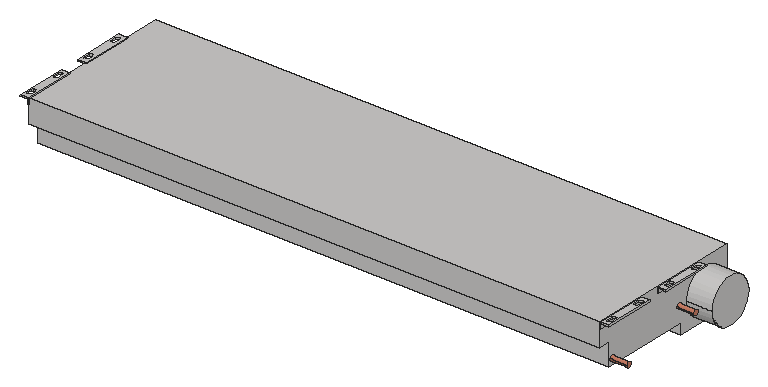
Revit family "HVAC-Chilled_Beam-Dadanco-ACB10", category Mechanical Equipment, Revit 2022
Family settings
  Round Connector Dimension = Use Radius
  Part Type = Normal
  OmniClass Number = 23.75.70.17.31
  OmniClass Title = Induction Units
  Work Plane-Based = No
  Always vertical = Yes
  Cut with Voids When Loaded = No
  Maintain Annotation Orientation = No
  Shared = No
  Room Calculation Point = No
Parameters (values of type "6' Nominal Length")
  Zone Name [instance] = ""
  Zone ID [instance] = ""
  Unit Width = 17 105/128"  # constant formula
  Unit Weight = if(Nominal Unit Length = 24", "27 lb", if(Nominal Unit Length = 36", "35 lb", if(Nominal Unit Length = 48", "42 lb", if(Nominal Unit Length = 60", "49 lb", if(Nominal Unit Length = 72", "56 lb", if(Nominal Unit Length = 84", "63 lb", if(Nominal Unit Length = 96", "70 lb", "0 lb")))))))  # "56 lb"
  Unit Tag = ""
  Unit Length = if(Nominal Unit Length = 24", 24", if(Nominal Unit Length = 36", 32", if(Nominal Unit Length = 48", 40", if(Nominal Unit Length = 60", 52", if(Nominal Unit Length = 72", 64", if(Nominal Unit Length = 84", 76", if(Nominal Unit Length = 96", 88", 12")))))))  # 64"
  Unit Height = 6 45/128"  # constant formula
  URL = "http://www.dadanco.com/"
  Type Comments = "Horizonatally Mounted Induction Unit"
  Tube Material = Metal-Dadanco-Copper-Satin
  Total Cooling Capacity = 0.0 Btu/h
  Supply Air = 0 CFM
  Sound Level dBA = ""
  Sound Level NC = ""
  Secondary Air Sensible Heating = 0.0 Btu/h
  Secondary Air Sensible Cooling = 0.0 Btu/h
  SHHW Temperature = 0 °F
  SHHW Temp Out = 0 °F
  SHHW Pressure Drop [instance] = HWPD  # 0.00 ftH2O
  SHHW Flow [instance] = HWF  # 0.0 GPM
  SCHW Temperature = 0 °F
  SCHW Temp Out = 0 °F
  SCHW Pressure Drop [instance] = CWPD  # 0.00 ftH2O
  SCHW Flow [instance] = CWF  # 0.0 GPM
  Revision Date = "1/29/2025"  # constant formula
  Product Page URL = ""
  Primary Air Static Pressure [instance] = PASP  # 0.00 in-wg
  Primary Air Radius = Primary Air Inlet Size / 2  # 2"
  Primary Air Inlet Top [instance] = no
  Primary Air Inlet Size = 4"
  Primary Air Inlet Right [instance] = yes
  Primary Air Inlet Left [instance] = no
  Primary Air Inlet Bottom [instance] = no
  Primary Air Inlet Back [instance] = no
  Primary Air Flow Rate [instance] = PA  # 0 CFM
  PASP = 0.00 in-wg
  PA = 0 CFM
  Overall Unit Length = Unit Length + 4"  # 68"
  Nozzle Configuration = ""
  Nominal Unit Length = 72"
  Net Unit Heating Sensible = 0.0 Btu/h
  Net Unit Cooling Sensible = 0.0 Btu/h
  Model Number = ""
  Latent Cooling = 0.0 Btu/h
  Keynote = "23 37 00.A1"
  Heating Supply Air Temperature = 0 °F
  Heating Room Dry Bulb = 0 °F
  Heating Primary Air Wet Bulb = 0 °F
  Heating Primary Air Dry Bulb = 0 °F
  HWPD = 0.00 ftH2O
  HWF = 0.0 GPM
  Default Elevation = 0"
  Cooling Supply Air Temperature = 0 °F
  Cooling Room Relative Humidity = 0
  Cooling Room Dry Bulb = 0 °F
  Cooling Primary Air Wet Bulb = 0 °F
  Cooling Primary Air Dry Bulb = 0 °F
  CWPD = 0.00 ftH2O
  CWF = 0.0 GPM
  Documentation Link = "https://www.dadanco.com/acb10"
  Coil Connection Right [instance] = yes
  Coil Connection Left [instance] = not(Coil Connection Right)  # no
  Model = "ACB10"  # constant formula
  Manufacturer = "Dadanco"  # constant formula
  Housing Material = Metal-Dadanco-Steel-Galvanized
  Description = "Active Chilled Beam"  # constant formula
  Architectural Design Manual = ""
  4 Pipe Coil Configuration Right [instance] = and([4 Pipe Coil Configuration], Coil Connection Right)  # no
  4 Pipe Coil Configuration Left [instance] = and([4 Pipe Coil Configuration], Coil Connection Left)  # no
  4 Pipe Coil Configuration = if([2 or 4 pipe] = 4, 1 = 1, 1 = 0)  # no
  2 or 4 pipe = 2
  2 Pipe Coil Configuration = if([2 or 4 pipe] = 2, 1 = 1, 1 = 0)  # yes
  Assembly Code = "D3040100"
Types (8): name | Unit Weight | Unit Length | Type Comments | Overall Unit Length | Nominal Unit Length | Keynote
  (no name) | "56 lb" | 64" | "Horizonatally Mounted Induction Unit" | 68" | 72" | "23 37 00.A1"
  4' Nominal Length | "42 lb" | 40" | 0" | 44" | 48" | 0"
  3' Nominal Length | "35 lb" | 32" | "Horizonatally Mounted Induction Unit" | 36" | 36" | "23 37 00.A1"
  5' Nominal Length | "49 lb" | 52" | "Horizonatally Mounted Induction Unit" | 56" | 60" | "23 37 00.A1"
  6' Nominal Length | "56 lb" | 64" | "Horizonatally Mounted Induction Unit" | 68" | 72" | "23 37 00.A1"
  2' Nominal Length | "27 lb" | 24" | "Horizonatally Mounted Induction Unit" | 28" | 24" | "23 37 00.A1"
  7' Nominal Length | "63 lb" | 76" | "Horizonatally Mounted Induction Unit" | 80" | 84" | "23 37 00.A1"
  8' Nominal Length | "70 lb" | 88" | "Horizonatally Mounted Induction Unit" | 92" | 96" | "23 37 00.A1"
Reference planes (in)
  plane 1 "Center (Front/Back)": y = 5.39627
  plane 2 "Center of Unit Height": z = -2.44
  plane 3 "Center (Left/Right)": x = 0.55581
  plane 4 "Nominal Right": x = 33.55581
  plane 5 "Unit Front": y = -3.92389
  plane 6 "Top Face": z = 0
  plane 7 "Nominal Left": x = -32.44419
  plane 8 "Left Face": x = -31.44419
  plane 9 "Right Face": x = 32.55581
  plane 10 "Left End of Coil": x = -30.69419
  plane 11 "Drain Pan Left End": x = -17.44419
  plane 12 "Drain Pan Right End": x = 18.55581
  plane 13 "bottom of plenum": z = -6.35
  plane 14 "Bracket edge": y = 9.87365
  plane 15 "Unit Back": y = 13.88611
  plane 16 "outlet": z = -2.59
  plane 17 "CHW_lower": z = -4.3
  plane 18 "CHW_Upper": z = -3.22
  plane 19 "back center": z = -3.18
  plane 20 "End_air_hor_ctr": y = 10.66611
  plane 21 "E_air_ctr": y = 10.35611
  plane 22 "F_air_ctr": z = -4.1
  plane 23 "dp_ctr": y = 3.5209
  plane 24 "coils1": y = 7.05611
  plane 25 "coils2": y = 4.55611
  plane 26 "coils3": y = 0.18111
  plane 27 "coils 4": y = -2.31889
  plane 28 "D_air_ctr": y = 11.13611
Forms (in)
  Extrusion 1, solid, material "Metal-Dadanco-Steel-Galvanized" <- "Housing Material"
    sketch origin (0.55581, 0, 0) x (0, 1, 0) y (0, 0, 1)
      loop
        line (-3.93022, 0) -> (-3.93022, -2.59) -> (-2.67389, -2.59) -> (-2.67389, -5.09) -> (7.44611, -5.09) -> (7.44611, -6.35) -> (13.88611, -6.35) -> (13.88611, 0) -> (-3.93022, 0)
    from -32 to 32
  Extrusion 2, solid, material "Metal-Dadanco-Steel-Galvanized" <- "Housing Material", visible <- "Primary Air Inlet Left"
    sketch origin (-31.44419, -5.36135, 35.24623) x (0, 1, 0) y (0, 0, 1)
      loop
        circle (16.02161, -38.44) r 2.5
    from -3 to 0
  Extrusion 3, solid, material "Metal-Dadanco-Steel-Galvanized" <- "Housing Material"
    sketch origin (32.55581, -5.37738, 35.24623) x (0, 1, 0) y (0, 0, -1)
      loop
        circle (16.02161, 38.44) r 2.5
    from -3 to 0
  Extrusion 4, solid, material "Metal-Dadanco-Copper-Satin" <- "Tube Material", visible <- "Coil Connection Left"
    sketch origin (-31.44419, -3.37276, 36) x (0, 1, 0) y (0, 0, 1)
      loop
        circle (10.44161, -40.3) r 0.25
    from -2.5 to 0
  Extrusion 5, solid, material "Metal-Dadanco-Copper-Satin" <- "Tube Material", visible <- "4 Pipe Coil Configuration Left"
    sketch origin (-31.44419, -7.14674, 36) x (0, 1, 0) y (0, 0, 1)
      loop
        circle (11.69161, -40.3) r 0.25
    from -2.5 to 0
  Extrusion 6, solid, material "Metal-Dadanco-Copper-Satin" <- "Tube Material", visible <- "4 Pipe Coil Configuration Left"
    sketch origin (-31.44419, -10.25912, 36.00197) x (0, 1, 0) y (0, 0, 1)
      loop
        circle (10.44161, -40.3) r 0.25
    from -2.5 to 0
  Extrusion 7, solid, material "Metal-Dadanco-Copper-Satin" <- "Tube Material", visible <- "Coil Connection Left"
    sketch origin (-31.44419, -12.76417, 37.0748) x (0, 1, 0) y (0, 0, 1)
      loop
        circle (10.44161, -40.3) r 0.25
    from -2.5 to 0
  Extrusion 8, solid, material "Metal-Dadanco-Copper-Satin" <- "Tube Material", visible <- "Coil Connection Right"
    sketch origin (32.55581, -3.38221, 35.99294) x (0, 1, 0) y (0, 0, -1)
      loop
        circle (1.06161, 40.3) r 0.25
    from -2 to 0
  Extrusion 9, solid, material "Metal-Dadanco-Copper-Satin" <- "Tube Material", visible <- "4 Pipe Coil Configuration Right"
    sketch origin (32.55581, -0.88374, 37.07536) x (0, 1, 0) y (0, 0, -1)
      loop
        circle (1.06161, 40.3) r 0.25
    from -2 to 0
  Extrusion 10, solid, material "Metal-Dadanco-Copper-Satin" <- "Tube Material", visible <- "4 Pipe Coil Configuration Right"
    sketch origin (32.55581, 3.48326, 37.0942) x (0, 1, 0) y (0, 0, -1)
      loop
        circle (1.06161, 40.3) r 0.25
    from -2 to 0
  Extrusion 11, solid, material "Metal-Dadanco-Copper-Satin" <- "Tube Material", visible <- "Coil Connection Right"
    sketch origin (32.55581, 5.98042, 37.11266) x (0, 1, 0) y (0, 0, -1)
      loop
        circle (1.06161, 40.3) r 0.25
    from -2 to 0
  Extrusion 12, solid, material "Metal-Dadanco-Steel-Galvanized" <- "Housing Material", visible <- "Primary Air Inlet Top"
    sketch origin (0, 1.01865, 0) x (0, 1, 0) y (-1, 0, 0)
      loop
        circle (9.33611, -0.55581) r 3
    from 3 to 0
  Extrusion 13, solid, material "Metal-Dadanco-Steel-Galvanized" <- "Housing Material", visible <- "Primary Air Inlet Bottom"
    sketch origin (0, 0.65329, -6.35) x (0, 1, 0) y (-1, 0, 0)
      loop
        circle (10.47611, -0.55581) r 2.5
    from -3 to 0
  Extrusion 14, solid, material "Metal-Dadanco-Steel-Galvanized", not visible
    sketch origin (0, 13.88611, 0) x (0, 0, -1) y (-1, 0, 0)
      loop
        line (5.54, -0.55581) -> (5.54, 3.44419)
        arc (5.54, 3.44419) -> (4.1, 4.88419) -> (2.66, 3.44419) r 1.44
        line (2.66, 3.44419) -> (2.66, -0.55581) -> (2.66, -4.55581)
        arc (2.66, -4.55581) -> (4.1, -5.99581) -> (5.54, -4.55581) r 1.44
        line (5.54, -4.55581) -> (5.54, -0.55581)
    from 0 to 3.375
Lines and regions (in)
  Masking region 1, visible <- "Coil Connection Right", detail levels medium+fine
    outline origin (0, 0, -4.9) x (0, -1, 0) y (1, 0, 0)
      loop
        line (3.29889, 34.05581) -> (3.29889, 33.55581) -> (3.79126, 33.55581) -> (3.79126, 34.05581) -> (3.29889, 34.05581)
  Masking region 2, visible <- "4 Pipe Coil Configuration Right", detail levels medium+fine
    outline origin (0, 0, -4.9) x (0, -1, 0) y (1, 0, 0)
      loop
        line (0.17389, 34.05581) -> (0.17389, 33.55581) -> (0.67745, 33.55581) -> (0.67745, 34.05581) -> (0.17389, 34.05581)
  Masking region 3, visible <- "4 Pipe Coil Configuration Right", detail levels medium+fine
    outline origin (0, 0, -4.9) x (0, -1, 0) y (1, 0, 0)
      loop
        line (-3.98611, 34.05581) -> (-3.98611, 32.55581) -> (-3.48248, 32.55581) -> (-3.48248, 34.05581) -> (-3.98611, 34.05581)
  Masking region 4, visible <- "Coil Connection Right", detail levels medium+fine
    outline origin (0, 0, -4.9) x (0, -1, 0) y (1, 0, 0)
      loop
        line (-6.36111, 34.05581) -> (-6.36111, 32.55581) -> (-5.86084, 32.55581) -> (-5.86084, 34.05581) -> (-6.36111, 34.05581)
  Masking region 5, visible <- "Coil Connection Left", detail levels medium+fine
    outline origin (0, 0, -4.9) x (0, -1, 0) y (1, 0, 0)
      loop
        line (3.79889, -32.94419) -> (3.79889, -32.44419) -> (3.30006, -32.44419) -> (3.30006, -32.94419) -> (3.79889, -32.94419)
  Masking region 6, visible <- "4 Pipe Coil Configuration Left", detail levels medium+fine
    outline origin (0, 0, -4.9) x (0, -1, 0) y (1, 0, 0)
      loop
        line (0.67389, -32.94419) -> (0.67389, -32.44419) -> (0.174, -32.44419) -> (0.174, -32.94419) -> (0.67389, -32.94419)
  Masking region 7, visible <- "4 Pipe Coil Configuration Left", detail levels medium+fine
    outline origin (0, 0, -4.9) x (0, -1, 0) y (1, 0, 0)
      loop
        line (-3.48611, -32.94419) -> (-3.48611, -31.44419) -> (-3.98611, -31.44419) -> (-3.98611, -32.94419) -> (-3.48611, -32.94419)
  Masking region 8, visible <- "Coil Connection Left", detail levels medium+fine
    outline origin (0, 0, -4.9) x (0, -1, 0) y (1, 0, 0)
      loop
        line (-5.86111, -32.94419) -> (-5.86111, -31.44419) -> (-6.36111, -31.44419) -> (-6.36111, -32.94419) -> (-5.86111, -32.94419)
  Masking region 9, visible <- "Primary Air Inlet Left", detail levels medium+fine
    outline origin (0, 11.55643, 0) x (-1, 0, 0) y (0, 0, 1)
      loop
        line (18.44419, -4.44) -> (31.44419, -4.44) -> (31.44419, -0.44) -> (18.44419, -0.44) -> (18.44419, -4.44)
  Masking region 10, visible <- "Coil Connection Right", detail levels medium+fine
    outline origin (0, 6.11111, 0) x (0, 0, 1) y (1, 0, 0)
      loop
        line (-5.75, 34.05581) -> (-6.25168, 34.05581) -> (-6.25168, 32.55581) -> (-5.75, 32.55581) -> (-5.75, 34.05581)
  Masking region 11, visible <- "Coil Connection Right", detail levels medium+fine
    outline origin (0, 6.11111, 0) x (0, 0, 1) y (1, 0, 0)
      loop
        line (-4.65, 34.05581) -> (-5.14868, 34.05581) -> (-5.14868, 32.55581) -> (-4.65, 32.55581) -> (-4.65, 34.05581)
  Masking region 12, visible <- "Coil Connection Left", detail levels medium+fine
    outline origin (0, -3.13889, 0) x (0, 0, -1) y (1, 0, 0)
      loop
        line (5.15, -32.94419) -> (5.15, -31.44419) -> (4.64917, -31.44419) -> (4.64917, -32.94419) -> (5.15, -32.94419)
  Masking region 13, visible <- "Coil Connection Left", detail levels medium+fine
    outline origin (0, -3.13889, 0) x (0, 0, -1) y (1, 0, 0)
      loop
        line (6.25, -32.94419) -> (6.25, -31.44419) -> (5.74745, -31.44419) -> (5.74745, -32.94419) -> (6.25, -32.94419)
  symbolic lines, detail levels fine
    curve 1: arc (-32.25669, 9.12365, 0) -> (-32.00669, 9.37365, 0) -> (-31.75669, 9.12365, 0) r 0.25
    curve 2: line (-32.25669, 9.12365, 0) -> (-32.25669, 8.62365, 0)
    curve 3: arc (-31.75669, 8.62365, 0) -> (-32.00669, 8.37365, 0) -> (-32.25669, 8.62365, 0) r 0.25
    curve 4: line (-31.75669, 8.62365, 0) -> (-31.75669, 9.12365, 0)
    curve 5: arc (-32.25669, 5.37365, 0) -> (-32.00669, 5.62365, 0) -> (-31.75669, 5.37365, 0) r 0.25
    curve 6: arc (-31.75669, 4.87365, 0) -> (-32.00669, 4.62365, 0) -> (-32.25669, 4.87365, 0) r 0.25
    curve 7: line (-31.75669, 4.87365, 0) -> (-31.75669, 5.37365, 0)
    curve 8: line (-32.25669, 5.37365, 0) -> (-32.25669, 4.87365, 0)
    curve 9: arc (-32.25669, 1.06978, 0) -> (-32.00669, 1.31978, 0) -> (-31.75669, 1.06978, 0) r 0.25
    curve 10: arc (-31.75669, 0.56978, 0) -> (-32.00669, 0.31978, 0) -> (-32.25669, 0.56978, 0) r 0.25
    curve 11: line (-31.75669, 0.56978, 0) -> (-31.75669, 1.06978, 0)
    curve 12: line (-32.25669, 1.06978, 0) -> (-32.25669, 0.56978, 0)
    curve 13: arc (-32.25669, -2.68022, 0) -> (-32.00669, -2.43022, 0) -> (-31.75669, -2.68022, 0) r 0.25
    curve 14: arc (-31.75669, -3.18022, 0) -> (-32.00669, -3.43022, 0) -> (-32.25669, -3.18022, 0) r 0.25
    curve 15: line (-31.75669, -3.18022, 0) -> (-31.75669, -2.68022, 0)
    curve 16: line (-32.25669, -2.68022, 0) -> (-32.25669, -3.18022, 0)
    curve 17: arc (32.86831, -2.68022, 0) -> (33.11831, -2.43022, 0) -> (33.36831, -2.68022, 0) r 0.25
    curve 18: arc (33.36831, -3.18022, 0) -> (33.11831, -3.43022, 0) -> (32.86831, -3.18022, 0) r 0.25
    curve 19: line (33.36831, -3.18022, 0) -> (33.36831, -2.68022, 0)
    curve 20: line (32.86831, -2.68022, 0) -> (32.86831, -3.18022, 0)
    curve 21: arc (32.86831, 1.06978, 0) -> (33.11831, 1.31978, 0) -> (33.36831, 1.06978, 0) r 0.25
    curve 22: arc (33.36831, 0.56978, 0) -> (33.11831, 0.31978, 0) -> (32.86831, 0.56978, 0) r 0.25
    curve 23: line (32.86831, 1.06978, 0) -> (32.86831, 0.56978, 0)
    curve 24: line (33.36831, 0.56978, 0) -> (33.36831, 1.06978, 0)
    curve 25: arc (32.86831, 9.12365, 0) -> (33.11831, 9.37365, 0) -> (33.36831, 9.12365, 0) r 0.25
    curve 26: arc (33.36831, 8.62365, 0) -> (33.11831, 8.37365, 0) -> (32.86831, 8.62365, 0) r 0.25
    curve 27: line (33.36831, 8.62365, 0) -> (33.36831, 9.12365, 0)
    curve 28: line (32.86831, 9.12365, 0) -> (32.86831, 8.62365, 0)
    curve 29: arc (32.86831, 5.37365, 0) -> (33.11831, 5.62365, 0) -> (33.36831, 5.37365, 0) r 0.25
    curve 30: arc (33.36831, 4.87365, 0) -> (33.11831, 4.62365, 0) -> (32.86831, 4.87365, 0) r 0.25
    curve 31: line (33.36831, 4.87365, 0) -> (33.36831, 5.37365, 0)
    curve 32: line (32.86831, 5.37365, 0) -> (32.86831, 4.87365, 0)
    curve 41: line (33.55581, -3.92389, 0) -> (33.55581, -3.92389, -0.125)
    curve 42: line (33.55581, -3.92389, -0.125) -> (32.68081, -3.92389, -0.125)
    curve 43: line (32.68081, -3.92389, -0.125) -> (32.68081, -3.92389, -0.625)
    curve 44: line (32.68081, -3.92389, -0.625) -> (32.55581, -3.92389, -0.625)
    curve 46: line (-32.44419, -3.92389, 0) -> (-32.44419, -3.92389, -0.125)
    curve 47: line (-32.44419, -3.92389, -0.125) -> (-31.56919, -3.92389, -0.125)
    curve 48: line (-31.56919, -3.92389, -0.125) -> (-31.56919, -3.92389, -0.625)
    curve 49: line (-31.56919, -3.92389, -0.625) -> (-31.44419, -3.92389, -0.625)
  symbolic lines, not visible, detail levels medium+fine
    curve 33: line (18.55581, -5.51389, -13.15156) -> (19.75581, -5.51389, -13.15156)
    curve 36: arc (33.30581, -5.51389, -13.97656) -> (33.55581, -5.51389, -13.72656) -> (33.80581, -5.51389, -13.97656) r 0.25
    curve 37: arc (33.80581, -5.51389, -13.97656) -> (33.55581, -5.51389, -14.22656) -> (33.30581, -5.51389, -13.97656) r 0.25
    curve 38: arc (-16.69419, 8.48611, -13.96023) -> (-16.44419, 8.48611, -13.71023) -> (-16.19419, 8.48611, -13.96023) r 0.25
    curve 39: arc (-16.19419, 8.48611, -13.96023) -> (-16.44419, 8.48611, -14.21023) -> (-16.69419, 8.48611, -13.96023) r 0.25
  symbolic lines, not visible, detail levels fine
    curve 34: line (19.75581, -5.51389, -13.15156) -> (19.75581, -5.51389, -13.27656)
    curve 35: line (19.75581, -5.51389, -13.27656) -> (18.55581, -5.51389, -13.27656)
  symbolic lines, detail levels medium+fine
    curve 40: line (32.55581, -3.92389, 0) -> (33.55581, -3.92389, 0)
    curve 45: line (-31.44419, -3.92389, 0) -> (-32.44419, -3.92389, 0)
  model lines
    curve 50: line (-31.44419, 6.48611, -2.59) -> (-31.44419, -3.92389, -2.59)
    curve 51: line (32.55581, -3.92389, -2.59) -> (32.55581, 6.48611, -2.59)
    curve 52: line (-31.44419, -3.92389, -2.59) -> (32.55581, -3.92389, -2.59)
Dimensions and locks (in)
  "Unit Length": plane 8 "Left Face" to plane 9 "Right Face"
  equal spacing: plane 8 "Left Face", plane 3 "Center (Left/Right)", plane 9 "Right Face"
  locked: plane 7 "Nominal Left" to plane 8 "Left Face" at 1
  locked: plane 9 "Right Face" to plane 4 "Nominal Right" at 1
  locked: plane 8 "Left Face" to plane 10 "Left End of Coil" at 0.75
  plane 6 "Top Face" to plane 2 "Center of Unit Height" = 2.44"
  locked: plane 11 "Drain Pan Left End" to plane 12 "Drain Pan Right End" at 36
  equal spacing: plane 11 "Drain Pan Left End", plane 3 "Center (Left/Right)", plane 12 "Drain Pan Right End"
  Masking region 1 sketch curve to Masking region 1 sketch curve = 0.49237"
  Masking region 2 sketch curve to Masking region 2 sketch curve = 0.50356"
  Masking region 3 sketch curve to Masking region 3 sketch curve = 0.50363"
  Masking region 4 sketch curve to Masking region 4 sketch curve = 0.50027"
  Masking region 5 sketch curve to Masking region 5 sketch curve = 0.49883"
  Masking region 6 sketch curve to Masking region 6 sketch curve = 0.49989"
  Masking region 7 sketch curve to Masking region 7 sketch curve = 1/2"
  Masking region 8 sketch curve to Masking region 8 sketch curve = 1/2"
  locked: plane 2 "Center of Unit Height" to Masking region 9 sketch curve at 2
  locked: Masking region 9 sketch curve to plane 2 "Center of Unit Height" at 2
  Masking region 10 sketch curve to Masking region 10 sketch curve = 0.50168"
  Masking region 11 sketch curve to Masking region 11 sketch curve = 0.49868"
  Masking region 12 sketch curve to Masking region 12 sketch curve = 0.50083"
  Masking region 13 sketch curve to Masking region 13 sketch curve = 0.50255"
  locked: Extrusion 1 to plane 4 "Nominal Right" at 1
  aligned and locked: level to plane 6 "Top Face"
  aligned and locked: Extrusion 1 to plane 8 "Left Face"
  aligned and locked: plane 4 "Nominal Right" to Masking region 1 sketch curve
  aligned and locked: plane 4 "Nominal Right" to Masking region 2 sketch curve
  aligned and locked: plane 9 "Right Face" to Masking region 3 sketch curve
  aligned and locked: plane 9 "Right Face" to Masking region 4 sketch curve
  aligned and locked: plane 7 "Nominal Left" to Masking region 5 sketch curve
  aligned and locked: plane 7 "Nominal Left" to Masking region 6 sketch curve
  aligned and locked: plane 8 "Left Face" to Masking region 7 sketch curve
  aligned and locked: curve 1 to nested 3
  aligned and locked: curve 3 to nested 3
  aligned and locked: curve 5 to nested 3
  aligned and locked: curve 6 to nested 3
  aligned and locked: curve 9 to nested 4
  aligned and locked: curve 10 to nested 4
  aligned and locked: curve 13 to nested 4
  aligned and locked: curve 14 to nested 4
  aligned and locked: curve 17 to nested 2
  aligned and locked: curve 18 to nested 2
  aligned and locked: curve 21 to nested 2
  aligned and locked: curve 22 to nested 2
  aligned and locked: curve 25 to nested 1
  aligned and locked: curve 26 to nested 1
  aligned and locked: curve 29 to nested 1
  aligned and locked: curve 30 to nested 1
  aligned and locked: plane 8 "Left Face" to Masking region 9 sketch curve
  aligned and locked: plane 9 "Right Face" to Masking region 10 sketch curve
  aligned and locked: plane 9 "Right Face" to Masking region 11 sketch curve
  aligned and locked: curve 43 to nested 2
  aligned and locked: plane 8 "Left Face" to Masking region 12 sketch curve
  aligned and locked: plane 8 "Left Face" to Masking region 13 sketch curve
  aligned and locked: nested 1 to plane 9 "Right Face"
  aligned and locked: nested 2 to plane 9 "Right Face"
  aligned and locked: nested 4 to plane 8 "Left Face"
  aligned and locked: nested 3 to plane 8 "Left Face"
Automatic sketch dimensions
  curve 50 to plane 5 "Unit Front" = 0"
  curve 50 to plane 16 "outlet" = 0"
  curve 50 to plane 1 "Center (Front/Back)" = 1 23/256"
  curve 40 to level = 0"
  plane 4 "Nominal Right" to curve 40 = 0"
  plane 9 "Right Face" to curve 40 = 0"
  plane 9 "Right Face" to curve 44 = 0"
  plane 9 "Right Face" to curve 52 = 0"
  curve 52 to plane 8 "Left Face" = 0"
  curve 49 to plane 8 "Left Face" = 0"
  curve 45 to level = 0"
  curve 45 to plane 8 "Left Face" = 0"
  curve 46 to plane 7 "Nominal Left" = 0"
  curve 52 to plane 16 "outlet" = 0"
  plane 8 "Left Face" to curve 49 = 1/8"
  level to curve 48 = 5/8"
  level to curve 44 = 5/8"
  level to curve 43 = 1/8"
  level to curve 48 = 1/8"
  curve 51 to plane 5 "Unit Front" = 0"
  curve 51 to plane 16 "outlet" = 0"
  plane 1 "Center (Front/Back)" to curve 51 = 1 23/256"
  level to Extrusion 1 sketch curve = 0"
  Extrusion 1 sketch curve to plane 16 "outlet" = 0"
  Extrusion 1 sketch curve to plane 13 "bottom of plenum" = 0"
  Extrusion 1 sketch curve to plane 15 "Unit Back" = 0"
  Extrusion 1 sketch curve to plane 17 "CHW_lower" = 0.79"
  Extrusion 1 sketch curve to plane 1 "Center (Front/Back)" = 2.04984"
  Extrusion 1 sketch curve to plane 5 "Unit Front" = 1 1/4"
  plane 5 "Unit Front" to Extrusion 1 sketch curve = 0.00634"
  Masking region 1 sketch curve to plane 5 "Unit Front" = 5/8"
  Masking region 1 sketch curve to Masking region 1 sketch curve = 1/2"
  Masking region 2 sketch curve to plane 23 "dp_ctr" = 3.69479"
  Masking region 2 sketch curve to Masking region 2 sketch curve = 1/2"
  plane 23 "dp_ctr" to Masking region 3 sketch curve = 0.46521"
  Masking region 3 sketch curve to plane 4 "Nominal Right" = 1/2"
  Masking region 4 sketch curve to plane 1 "Center (Front/Back)" = 247/256"
  Masking region 4 sketch curve to plane 4 "Nominal Right" = 1/2"
  Masking region 5 sketch curve to plane 5 "Unit Front" = 0.62383"
  Masking region 5 sketch curve to plane 7 "Nominal Left" = 1/2"
  Masking region 6 sketch curve to plane 7 "Nominal Left" = 1/2"
  Masking region 6 sketch curve to plane 23 "dp_ctr" = 3.6949"
  plane 23 "dp_ctr" to Masking region 7 sketch curve = 0.46521"
  Masking region 7 sketch curve to plane 7 "Nominal Left" = 1/2"
  Masking region 8 sketch curve to plane 8 "Left Face" = 0"
  Masking region 8 sketch curve to plane 1 "Center (Front/Back)" = 247/256"
  Masking region 8 sketch curve to plane 7 "Nominal Left" = 1/2"
  plane 11 "Drain Pan Left End" to Masking region 9 sketch curve = 1"
  curve 36 to curve 37 = 0"  (x2)
  curve 33 to plane 12 "Drain Pan Right End" = 0"
  curve 35 to plane 12 "Drain Pan Right End" = 0"
  plane 4 "Nominal Right" to curve 36 = 0"
  curve 35 to curve 35 = 1.2"
  curve 36 to plane 13 "bottom of plenum" = 7.62656"
  curve 37 to curve 35 = 0.7"
  curve 34 to curve 33 = 1/8"
  curve 37 to plane 4 "Nominal Right" = 1/4"
  plane 13 "bottom of plenum" to Masking region 10 sketch curve = 0.09832"
  Masking region 10 sketch curve to plane 4 "Nominal Right" = 1/2"
  Masking region 11 sketch curve to plane 17 "CHW_lower" = 0.84868"
  Masking region 11 sketch curve to plane 4 "Nominal Right" = 1/2"
  Masking region 12 sketch curve to plane 17 "CHW_lower" = 0.34917"
  Masking region 12 sketch curve to plane 7 "Nominal Left" = 1/2"
  plane 13 "bottom of plenum" to Masking region 13 sketch curve = 0.60255"
  Masking region 13 sketch curve to plane 7 "Nominal Left" = 1/2"
  plane 20 "End_air_hor_ctr" to Extrusion 2 sketch curve = 0.00585"
  Extrusion 2 sketch curve to plane 19 "back center" = 0.01377"
  Extrusion 3 sketch curve to plane 20 "End_air_hor_ctr" = 0.02189"
  plane 19 "back center" to Extrusion 3 sketch curve = 0.01377"
  Extrusion 4 sketch curve to plane 17 "CHW_lower" = 0"
  Extrusion 4 sketch curve to plane 1 "Center (Front/Back)" = 1.67258"
  Extrusion 5 sketch curve to plane 17 "CHW_lower" = 0"
  plane 23 "dp_ctr" to Extrusion 5 sketch curve = 1.02397"
  plane 17 "CHW_lower" to Extrusion 6 sketch curve = 0.00197"
  Extrusion 6 sketch curve to plane 5 "Unit Front" = 4.10638"
  Extrusion 7 sketch curve to plane 18 "CHW_Upper" = 0.0052"
  Extrusion 7 sketch curve to plane 5 "Unit Front" = 1.60132"
  plane 17 "CHW_lower" to Extrusion 8 sketch curve = 0.00706"
  plane 5 "Unit Front" to Extrusion 8 sketch curve = 1.60329"
  plane 18 "CHW_Upper" to Extrusion 9 sketch curve = 0.00464"
  plane 5 "Unit Front" to Extrusion 9 sketch curve = 4.10176"
  Extrusion 10 sketch curve to plane 18 "CHW_Upper" = 0.0142"
  Extrusion 10 sketch curve to plane 23 "dp_ctr" = 1.02397"
  Extrusion 11 sketch curve to plane 18 "CHW_Upper" = 0.03266"
  plane 1 "Center (Front/Back)" to Extrusion 11 sketch curve = 1.64576"
  Extrusion 12 sketch curve to plane 3 "Center (Left/Right)" = 0"
  plane 21 "E_air_ctr" to Extrusion 12 sketch curve = 0.00135"
  Extrusion 13 sketch curve to plane 3 "Center (Left/Right)" = 0"
  Extrusion 13 sketch curve to plane 21 "E_air_ctr" = 0.77329"
  Extrusion 14 sketch curve to plane 3 "Center (Left/Right)" = 0"  (x2)
  Extrusion 14 sketch curve to plane 22 "F_air_ctr" = 0"
  Extrusion 14 sketch curve to plane 16 "outlet" = 0.07"
  plane 3 "Center (Left/Right)" to Extrusion 14 sketch curve = 4"
  Extrusion 14 sketch curve to plane 3 "Center (Left/Right)" = 4"
  radius of Extrusion 2 sketch curve = 2 1/2"
  radius of Extrusion 3 sketch curve = 2 1/2"
  radius of Extrusion 4 sketch curve = 1/4"
  radius of Extrusion 5 sketch curve = 1/4"
  radius of Extrusion 6 sketch curve = 1/4"
  radius of Extrusion 7 sketch curve = 1/4"
  radius of Extrusion 8 sketch curve = 1/4"
  radius of Extrusion 9 sketch curve = 1/4"
  radius of Extrusion 10 sketch curve = 1/4"
  radius of Extrusion 11 sketch curve = 1/4"
  radius of Extrusion 12 sketch curve = 3"
  radius of Extrusion 13 sketch curve = 2 1/2"
Nested families (in)
  nested 1: "HVAC-Chilled_Beam-Dadanco-ACB_Bracket" at (32.55581, 6.99865, 0) x (1, 0, 0) z (0, -1, 0), type "L Bracket", detail levels medium+fine
  nested 2: "HVAC-Chilled_Beam-Dadanco-ACB_Bracket" at (32.55581, -1.05522, 0) x (1, 0, 0) z (0, -1, 0), type "L Bracket", detail levels medium+fine
  nested 3: "HVAC-Chilled_Beam-Dadanco-ACB_Bracket" at (-31.44419, 6.99865, 0) x (-1, 0, 0) z (0, 1, 0), type "L Bracket", detail levels medium+fine
  nested 4: "HVAC-Chilled_Beam-Dadanco-ACB_Bracket" at (-31.44419, -1.05522, 0) x (-1, 0, 0) z (0, 1, 0), type "L Bracket", detail levels medium+fine
Connectors (in)
  hvac at (-34.44419, 10.66026, -3.19377), driven by "Primary Air Static Pressure", driven by "Primary Air Flow Rate", driven by "Primary Air Radius"
    settings: on Extrusion 2, index 16, duct flow 0 CFM, flow factor 0, pres drop 0.00 in-wg, loss coef 0, conn angle 0.00°, conn width 12", conn height 12", conn diameter 4", duct sys type 1, conn prof type 0, flow config 1, flow direction 1, loss method 4, conn ref index -1, conn util no, is conn primary yes, conn desc "Primary air left"
  hvac at (0.55581, 10.35477, 3), driven by "Primary Air Static Pressure", driven by "Primary Air Flow Rate", driven by "Primary Air Radius"
    settings: on Extrusion 12, index 17, duct flow 0 CFM, flow factor 0, pres drop 0.00 in-wg, loss coef 0, conn angle 0.00°, conn width 12", conn height 12", conn diameter 4", duct sys type 1, conn prof type 0, flow config 1, flow direction 1, loss method 4, conn ref index -1, conn util no, is conn primary no, conn desc "primary air top"
  hvac at (35.55581, 10.64423, -3.19377), driven by "Primary Air Static Pressure", driven by "Primary Air Flow Rate", driven by "Primary Air Radius"
    settings: on Extrusion 3, index 19, duct flow 0 CFM, flow factor 0, pres drop 0.00 in-wg, loss coef 0, conn angle 0.00°, conn width 12", conn height 12", conn diameter 4", duct sys type 1, conn prof type 0, flow config 1, flow direction 1, loss method 4, conn ref index -1, conn util no, is conn primary no, conn desc "primary air right"
  piping at (34.55581, -2.3206, -4.30706), diameter 0.5, driven by "SCHW Flow", driven by "SCHW Pressure Drop"
    settings: on Extrusion 8, index 20, connector inside diameter 24", connector length 0", flow factor 0, pipe flow 0.0 GPM, pressure drop 0.00 ftH2O, fitting loss kfactor 0, connector angle 0.00°, fixture units 0, engagement length 0", angle of deflection 0.00°, flow configuration 1, flow direction 1, fitting loss method 4, system type 7, joint type 0, gender type 0, connector reference index -1, connector utility 0, adjustable connector no, is connector primary yes, connector description "chw in right"
  piping at (34.55581, 0.17787, -3.22464), diameter 0.5, driven by "SHHW Flow", driven by "SHHW Pressure Drop"
    settings: on Extrusion 9, index 21, connector inside diameter 24", connector length 0", flow factor 0, pipe flow 0.0 GPM, pressure drop 0.00 ftH2O, fitting loss kfactor 0, connector angle 0.00°, fixture units 0, engagement length 0", angle of deflection 0.00°, flow configuration 1, flow direction 1, fitting loss method 4, system type 7, joint type 0, gender type 0, connector reference index -1, connector utility 0, adjustable connector no, is connector primary no, connector description "HW supply right"
  piping at (34.55581, 4.54487, -3.2058), diameter 0.5, driven by "SHHW Flow", driven by "SHHW Pressure Drop"
    settings: on Extrusion 10, index 22, connector inside diameter 24", connector length 0", flow factor 0, pipe flow 0.0 GPM, pressure drop 0.00 ftH2O, fitting loss kfactor 0, connector angle 0.00°, fixture units 0, engagement length 0", angle of deflection 0.00°, flow configuration 1, flow direction 2, fitting loss method 4, system type 8, joint type 0, gender type 0, connector reference index -1, connector utility 0, adjustable connector no, is connector primary no, connector description "HW return right"
  piping at (34.55581, 7.04203, -3.18734), diameter 0.5, driven by "SCHW Flow", driven by "CWPD"
    settings: on Extrusion 11, index 23, connector inside diameter 24", connector length 0", flow factor 0, pipe flow 0.0 GPM, pressure drop 0.00 ftH2O, fitting loss kfactor 0, connector angle 0.00°, fixture units 0, engagement length 0", angle of deflection 0.00°, flow configuration 1, flow direction 2, fitting loss method 4, system type 8, joint type 0, gender type 0, connector reference index -1, connector utility 0, adjustable connector no, is connector primary no, connector description "chw return right"
  piping at (-33.94419, -2.32256, -3.2252), diameter 0.5, driven by "SCHW Flow", driven by "SCHW Pressure Drop"
    settings: on Extrusion 7, index 27, connector inside diameter 24", connector length 0", flow factor 0, pipe flow 0.0 GPM, pressure drop 0.00 ftH2O, fitting loss kfactor 0, connector angle 0.00°, fixture units 0, engagement length 0", angle of deflection 0.00°, flow configuration 1, flow direction 2, fitting loss method 4, system type 8, joint type 0, gender type 0, connector reference index -1, connector utility 0, adjustable connector no, is connector primary no, connector description "CHW return left"
  piping at (-33.94419, 7.06885, -4.3), diameter 0.5, driven by "SCHW Flow", driven by "SCHW Pressure Drop"
    settings: on Extrusion 4, index 28, connector inside diameter 24", connector length 0", flow factor 0, pipe flow 0.0 GPM, pressure drop 0.00 ftH2O, fitting loss kfactor 0, connector angle 0.00°, fixture units 0, engagement length 0", angle of deflection 0.00°, flow configuration 1, flow direction 1, fitting loss method 4, system type 7, joint type 0, gender type 0, connector reference index -1, connector utility 0, adjustable connector no, is connector primary no, connector description "chw supply left"
  piping at (-33.94419, 4.54487, -4.3), diameter 0.5, driven by "SHHW Flow", driven by "SHHW Pressure Drop"
    settings: on Extrusion 5, index 29, connector inside diameter 24", connector length 0", flow factor 0, pipe flow 0.0 GPM, pressure drop 0.00 ftH2O, fitting loss kfactor 0, connector angle 0.00°, fixture units 0, engagement length 0", angle of deflection 0.00°, flow configuration 1, flow direction 1, fitting loss method 4, system type 7, joint type 0, gender type 0, connector reference index -1, connector utility 0, adjustable connector no, is connector primary no, connector description "hw supply left"
  piping at (-33.94419, 0.18249, -4.29803), diameter 0.5, driven by "SHHW Flow", driven by "SHHW Pressure Drop"
    settings: on Extrusion 6, index 30, connector inside diameter 24", connector length 0", flow factor 0, pipe flow 0.0 GPM, pressure drop 0.00 ftH2O, fitting loss kfactor 0, connector angle 0.00°, fixture units 0, engagement length 0", angle of deflection 0.00°, flow configuration 1, flow direction 2, fitting loss method 4, system type 8, joint type 0, gender type 0, connector reference index -1, connector utility 0, adjustable connector no, is connector primary no, connector description "hw return left"
  hvac at (0.55581, 11.1294, -9.35), driven by "Primary Air Radius", driven by "PASP", driven by "PA"
    settings: on Extrusion 13, index 31, duct flow 0 CFM, flow factor 0, pres drop 0.00 in-wg, loss coef 0, conn angle 0.00°, conn width 12", conn height 12", conn diameter 4", duct sys type 1, conn prof type 0, flow config 1, flow direction 1, loss method 4, conn ref index -1, conn util no, is conn primary no, conn desc ""
  hvac at (0.55581, 17.26111, -4.1), driven by "Primary Air Radius", driven by "PASP", driven by "PA"
    settings: on Extrusion 14, index 32, duct flow 0 CFM, flow factor 0, pres drop 0.00 in-wg, loss coef 0, conn angle 0.00°, conn width 12", conn height 12", conn diameter 4", duct sys type 1, conn prof type 0, flow config 1, flow direction 1, loss method 4, conn ref index -1, conn util no, is conn primary no, conn desc ""
Definition of nested family "HVAC-Chilled_Beam-Dadanco-ACB_Bracket"
  Parameters
    Default Elevation = 0"
  Reference planes (in)
    plane 1 "Center (Front/Back)": y = 0
    plane 2: z = 0
    plane 3 "Center (Left/Right)": x = 0
  Forms (in)
    Extrusion 1, solid
      sketch origin (0, 0, 0) x (1, 0, 0) y (0, 1, 0)
        loop
          line (0, 0) -> (0, -0.625) -> (0.125, -0.625) -> (0.125, -0.125) -> (1, -0.125) -> (1, 0) -> (0, 0)
      from -2.875 to 2.875
    Extrusion 2, void
      sketch origin (0, 0, 0) x (1, 0, 0) y (0, 0, 1)
        loop
          arc (0.3125, 1.625) -> (0.5625, 1.375) -> (0.8125, 1.625) r 0.25
          line (0.8125, 1.625) -> (0.8125, 2.125)
          arc (0.8125, 2.125) -> (0.5625, 2.375) -> (0.3125, 2.125) r 0.25
          line (0.3125, 2.125) -> (0.3125, 1.625)
      from 0 to 0.125
    Extrusion 3, void
      sketch origin (0, 0, 0) x (1, 0, 0) y (0, 0, 1)
        loop
          line (0.3125, -1.625) -> (0.3125, -2.125)
          arc (0.3125, -2.125) -> (0.5625, -2.375) -> (0.8125, -2.125) r 0.25
          line (0.8125, -2.125) -> (0.8125, -1.625)
          arc (0.8125, -1.625) -> (0.5625, -1.375) -> (0.3125, -1.625) r 0.25
      from 0 to 0.125
  Cuts and joins
    Extrusion 2, Extrusion 3 cuts Extrusion 1
  Lines and regions (in)
    reference lines
      curve 1: line (-9.25507, 0, 2.875) -> (12.49493, 0, 2.875)
      curve 2: line (-9.25507, 0, -2.875) -> (13.49493, 0, -2.875)
  Dimensions and locks (in)
    locked: plane 3 "Center (Left/Right)" to Extrusion 1 sketch curve at 1
    locked: Extrusion 1 sketch curve to Extrusion 1 sketch curve at 0.125  (x2)
    locked: plane 1 "Center (Front/Back)" to Extrusion 1 sketch curve at 0.625
    locked: level to curve 2 at 2.875
    locked: curve 1 to level at 2.875
    aligned and locked: Extrusion 1 to curve 1
    aligned and locked: curve 2 to Extrusion 1
    aligned and locked: Extrusion 2 to plane 1 "Center (Front/Back)"
    aligned and locked: Extrusion 1 to Extrusion 2
